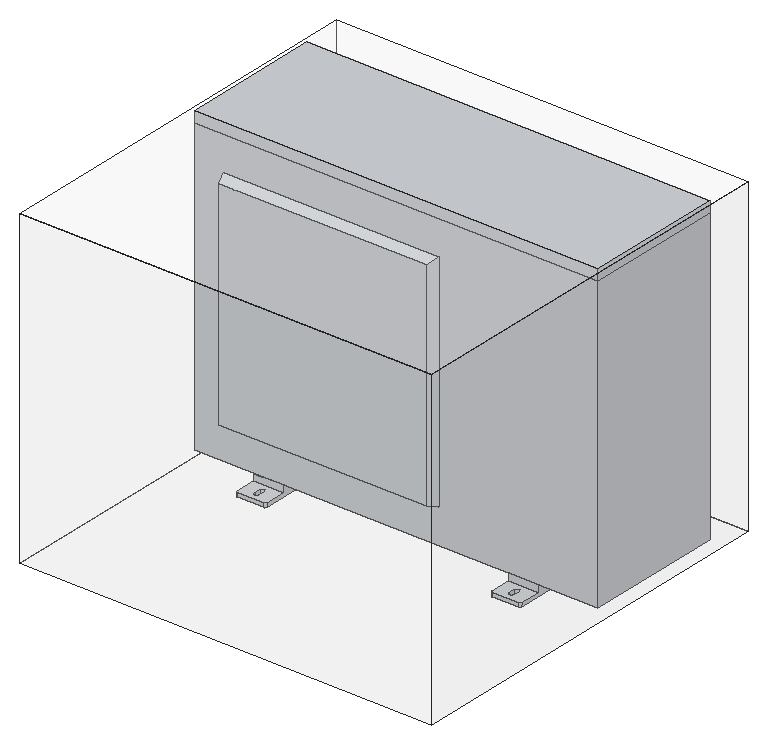
Revit family "puz-ermp80(s)ha_280ka11_60Hz", category 機械設備, Revit 2019 (continued)
Definition of nested family "固定点"
  Automatic sketch dimensions
    curve 3 to curve 8 = 200 mm
    curve 1 to curve 7 = 200 mm
Types (8, lengths in mm): name | 音響パワーレベル（冷）(dB) | 音響パワーレベル(dB) | 電源位置Y | 電源位置Z | 電源位置X | 電動機出力_送風機 | 電動機出力_圧縮機 | 質量 | 製品質量 | 相 | 消費電力_暖房 | 消費電力_冷房 | 消費電力 | 構成品番 | 極数 | 最小電線太さ_mm2 | 暖房能力 | 推奨ブレーカー容量 | 形名 | 価格 | ドレン　位置Z | ドレン　位置Y | ドレン　位置X | 冷房能力 | 冷媒管（ガス）位置X | 冷媒管（液）位置X | 冷媒管（液）位置Y | 冷媒管（ガス）位置Y | 冷媒管径符号 | 冷媒管位置Z | 冷媒管位置Y | 冷媒管位置X | 冷媒液管径 | 冷媒ガス管径 | ユニット3 | ユニット2 | Width | URL | Height | Clearance Right | Clearance Left | Clearance Front | Clearance Back
  (no name) | 68 | 70 | 2 | 459 | 275 | 0.06 kW | 1.6 kW | 70.80 kg | 59.00 kg | 1 | 2.01 kW | 1.98 kW | 2.01 kW | "PUZ-ERMP80SHA" | 1 | 1.6 | 8 kW | 30 A | PUZ-ERMP-2 : PUZ-EREMP80 | 668000 | 23 | 111 | 30 | 7.1 kW | 434 | 377 | 290 | 229 | "Bd" | 295 | 259.5 | 405.5 | 9.52 | 15.88 | no | yes | 950 | "https://www.mitsubishielectric.co.jp/ldg/wink/ssl/displayProduct.do?pid=311347" | 740 | 10 | 10 | 500 | 100
  PUZ-ERMP80HA11 | 68 | 70 | 2 | 459 | 275 | 0.06 kW | 1.6 kW | 67.20 kg | 56.00 kg | 3 | 2.01 kW | 1.98 kW | 2.01 kW | "PUZ-ERMP80HA" | 3 | 1.6 | 8 kW | 20 A | PUZ-ERMP-2 : PUZ-EREMP80 | 668000 | 23 | 111 | 30 | 7.1 kW | 434 | 377 | 290 | 229 | "Bd" | 295 | 259.5 | 405.5 | 9.52 | 15.88 | no | yes | 950 | "https://www.mitsubishielectric.co.jp/ldg/wink/ssl/displayProduct.do?pid=311346" | 740 | 10 | 10 | 500 | 100
  PUZ-ERMP112LA11 | 72 | 74 | 5 | 685 | 275 | 0.2 kW | 2.1 kW | 81.60 kg | 68.00 kg | 3 | 2.45 kW | 2.32 kW | 2.45 kW | "PUZ-ERMP112LA11" | 3 | 1.6 | 11.2 kW | 30 A | PUZ-ERMP-4 : PUZ-ERMP112 | 790000 | 23 | 111.4 | 52 | 10 kW | 429 | 372 | 290.5 | 269 | "Bd" | 447 | 279.75 | 400.5 | 9.52 | 15.88 | no | yes | 950 | "https://www.mitsubishielectric.co.jp/ldg/wink/ssl/displayProduct.do?pid=311462" | 1018 | 15 | 15 | 500 | 150
  PUZ-ERMP224KA | 79 | 81 | 2 | 1063 | 325 | 0.3 kW | 4.6 kW | 127.20 kg | 106.00 kg | 3 | 6.52 kW | 6.21 kW | 6.52 kW | "PUZ-ERMP224KA" | 3 | 2 | 22.4 kW | 40 A | PUZ-ZRMP-3 : PUZ-ZRMP224KA | 1449000 | 23 | 176 | 45 | 20 kW | 479 | 423 | 290 | 236 | "Bg" | 450 | 263 | 451 | 9.52 | 25.40 | yes | no | 1050 | "https://www.mitsubishielectric.co.jp/ldg/wink/ssl/displayProduct.do?pid=311354" | 1338 | 15 | 15 | 1000 | 150
  PUZ-ERMP280KA | 82 | 83 | 2 | 1063 | 325 | 0.4 kW | 6 kW | 140.40 kg | 117.00 kg | 3 | 8.62 kW | 9.33 kW | 9.33 kW | "PUZ-ERMP280KA" | 3 | 2 | 28 kW | 50 A | PUZ-ZRMP-3 : PUZ-ZRMP224KA | 1775000 | 26 | 176 | 45 | 25 kW | 479 | 423 | 290 | 236 | "Cg" | 450 | 263 | 451 | 12.70 | 25.40 | yes | no | 1050 | "https://www.mitsubishielectric.co.jp/ldg/wink/ssl/displayProduct.do?pid=311357" | 1338 | 15 | 15 | 1000 | 150
  PUZ-ERMP80SHA11 | 68 | 70 | 2 | 459 | 275 | 0.06 kW | 1.6 kW | 70.80 kg | 59.00 kg | 1 | 2.01 kW | 1.98 kW | 2.01 kW | "PUZ-ERMP80SHA" | 1 | 1.6 | 8 kW | 30 A | PUZ-ERMP-2 : PUZ-EREMP80 | 668000 | 23 | 111 | 30 | 7.1 kW | 434 | 377 | 290 | 229 | "Bd" | 295 | 259.5 | 405.5 | 9.52 | 15.88 | no | yes | 950 | "https://www.mitsubishielectric.co.jp/ldg/wink/ssl/displayProduct.do?pid=311347" | 740 | 10 | 10 | 500 | 100
  PUZ-ERMP140LA11 | 73 | 74 | 5 | 685 | 275 | 0.2 kW | 2.6 kW | 90.00 kg | 75.00 kg | 3 | 3.32 kW | 3.37 kW | 3.37 kW | "PUZ-ERMP140LA11" | 3 | 1.6 | 14 kW | 30 A | PUZ-ERMP-4 : PUZ-ERMP112 | 935000 | 23 | 111.4 | 52 | 12.5 kW | 429 | 372 | 290.5 | 269 | "Bd" | 447 | 279.75 | 400.5 | 9.52 | 15.88 | no | yes | 950 | "https://www.mitsubishielectric.co.jp/ldg/wink/ssl/displayProduct.do?pid=311465" | 1018 | 15 | 15 | 500 | 150
  PUZ-ERMP160LA11 | 74 | 76 | 5 | 685 | 275 | 0.2 kW | 3.5 kW | 90.00 kg | 75.00 kg | 3 | 4.13 kW | 4.27 kW | 4.27 kW | "PUZ-ERMP160LA11" | 3 | 1.6 | 16 kW | 30 A | PUZ-ERMP-4 : PUZ-ERMP112 | 1042000 | 23 | 111.4 | 52 | 14 kW | 429 | 372 | 290.5 | 269 | "Bd" | 447 | 279.75 | 400.5 | 9.52 | 15.88 | no | yes | 950 | "https://www.mitsubishielectric.co.jp/ldg/wink/ssl/displayProduct.do?pid=311351" | 1018 | 15 | 15 | 500 | 150
